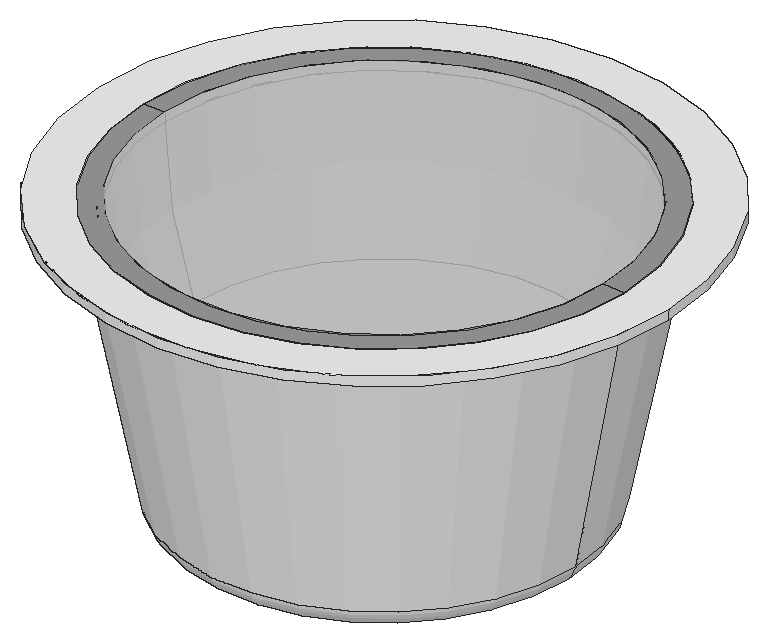
Revit family "2060572 Sylvania Lighting Fixture ASCENT 100 II ARCH 3600 3K DALI 160", category Lighting Fixtures, host Face, Revit 2016
Family settings
  Host = Face
  Part Type = Normal
  Round Connector Dimension = Use Diameter
  OmniClass Number = 23.80.70.11.17
  OmniClass Title = Specialized Lighting by Location or Use
  Cut with Voids When Loaded = No
  Light Source = Yes
  Shared = No
  Room Calculation Point = No
Parameters (values of type "2060572 ASCT100 II ARCH 3600 3K DALI 160")
  WidthBezelAcc_SYL = 25.0 mm
  Weight = "1.2 kg"
  Wattage = 30 W
  WarrantyStartDate [instance] = "n/a"
  WarrantyGuarantorParts = "n/a"
  WarrantyDurationUnit = "n/a"
  WarrantyDurationParts = "n/a"
  WarrantyDescription = "n/a"
  built-in parameter 1150110 = 1 (stored number, unit not read)
  Voltage = 0 V
  VisibilityAccessory_SYL = no
  TypeName = "ASCENT 100 II ARCH 3600 3K DALI 160"
  built-in parameter 1114217 = 1 (stored number, unit not read)
  Tilt Angle = -90°
  built-in parameter 1150109 = 1 (stored number, unit not read)
  built-in parameter 1150134 = (empty or 0)
  built-in parameter 1150113 = 1 (stored number, unit not read)
  SerialNumber [instance] = "n/a"
  ReflectorRadius_SYL = Radius_SYL - 14.5 mm  # 80.0 mm
  RadiusAcc_SYL = 105.0 mm
  Radius_SYL = 94.5 mm
  URL = "http://www.sylvania-lighting.com"
  PowerFactor = 0
  PowerConsumption = "30 W"
  Photometric Web File = "2060572.ies"
  NominalWidth = 0.0 mm
  NominalLength = 0.0 mm
  NominalHeight = 94.0 mm
  Name = "ASCENT 100 II ARCH 3600 3K DALI 160"
  ModelReference = "ASCENT 100 II ARCH 3600 3K DALI 160"
  ModelNumber = "2060572"
  Material_4_SYL = none
  Material_3_SYL = Polycarbonate_Sylvania_Ascent_Opal
  Material_2_SYL = Aluminium_Sylvania_Ascent_Silver
  Material_1_SYL = Aluminum_Sylvania_Ascent_White
  Material = "aluminium housing, arcylic diffuser"
  ManufacturerName = "Feilo Sylvania"
  LuminousEfficacy = "118 lm/W"
  built-in parameter 1150105 = 281.7 (stored number, unit not read)
  Lumens = 3540 lm
  LuminaireType = ""
  built-in parameter 1150115 = 1 (stored number, unit not read)
  LightOutputRatio = "100"
  built-in parameter 1150137 = (empty or 0)
  built-in parameter 1150139 = (empty or 0)
  LampsType = Lamp  # "LED"
  LampNominalLuminous = "3548 lm"
  LampMacAdamStep = "3"
  LampColourTemperature = "3000 K"
  LampColourRenderingIndex = "80"
  built-in parameter 1150112 = 1 (stored number, unit not read)
  built-in parameter 1150114 = 1 (stored number, unit not read)
  Keynote = "16500"
  InstallationDate [instance] = "n/a"
  InputVoltage = "n/a"
  InputNominalFrequency = "n/a"
  built-in parameter 1150132 = (empty or 0)
  built-in parameter 1150102 = (empty or 0)
  built-in parameter 1150107 = 3000 (stored number, unit not read)
  built-in parameter 1150138 = (empty or 0)
  IngressProtection = "IP40"
  ImpactProtectionIndex = "IK02"
  built-in parameter 1150106 = 2.817 (stored number, unit not read)
  IfcExportType = "IfcLightFixtureType"
  IfcExportAs = "IfcLightFixtureType"
  Height_SYL = 94.0 mm
  HeightAcc_SYL = 7.0 mm
  ExpectedLife = 50000
  EmittionSurface_SYL = if(VisibilityAccessory_SYL, 7.0 mm, 3.0 mm)  # 3.0 mm
  Emit from Circle Diameter = DiffuserRadius_SYL * 2  # 146.0 mm
  Emit Shape Visible in Rendering = no
  ElectricShockClassification = "Class II"
  built-in parameter 1150104 = 10.963 (stored number, unit not read)
  DurationUnit = "hours"
  DocumentationLiterature = "http://www.sylvania-lighting.com/product/en-int/products/2060572"
  DimmingControlOptions = "n/a"
  Dimming Lamp Color Temperature Shift = <None>
  DiffuserRadius_SYL = ReflectorRadius_SYL - 7.0 mm  # 73.0 mm
  Diameter_SYL = 2 * Radius_SYL  # 189.0 mm
  CutoutDiameter_SYL = Diameter_SYL - 13.0 mm  # 176.0 mm
  CreatedOn = "9/17/2018"
  CreatedBy = "@sylvania-lighting.com"
  Color Filter = 16777215
  built-in parameter 1114216 [instance] = 1 (stored number, unit not read)
  Model = "ASCENT 100 II ARCH 3600 3K DALI 160"
  Manufacturer = "Feilo Sylvania"
  Lamp = "LED"
  Description = "Direct LED retro fit for original LED 100 Arch (160) single CFL lamp offering Matching lumen levels and improved light distribution of original LED 100 CFL lamp equivalents Typically half the power consumption compared to CFL Up to 112lm/W 160mm aperture Architectural reflector accepts range of glass accessories from existing LED 100 Arch 160 offering HE, HO and VHO versions equivalent of single 1 x 18W, 1 x 32W, 1 x 42W\r\n Additional VVHO versions which offer the performance circa 2 x 32W equivalent"  # constant formula
  Default Elevation = 0.0 mm
  built-in parameter 1140040 [instance] = 1
  BarCode [instance] = "n/a"
  built-in parameter 1114218 = 1 (stored number, unit not read)
  built-in parameter 1150133 = 10 (stored number, unit not read)
  AssetType = "Fixed"
  AssetIdentifier [instance] = "n/a"
  Assembly Code = "D5020200"
  Apparent Load = 30 VA
  Aperture_SYL = 2 * ReflectorRadius_SYL  # 160.0 mm
Reference planes
  plane 1 "Center (Front/Back)": y = 0
  plane 2: z = 0
  plane 3 "Center (Left/Right)": x = 0
  plane 4 "Fixture Bottom": z = 3
  plane 5: z = -52.5
  plane 6 "Fixture Top": z = -91
  plane 7: x = -105
  plane 8: z = 7
  plane 9: x = -80
  plane 10: z = 5
  plane 11: x = -103
Forms (mm)
  Extrusion 1, solid, material "Aluminum_Sylvania_Ascent_White", detail levels fine
    sketch origin (0, 0, 0) x (1, 0, 0) y (0, 1, 0)
      loop
        circle (0, 0) r 94.5
      loop
        circle (0, 0) r 80
    from 0 to 3
  Extrusion 2, void
    sketch origin (0, 0, 0) x (1, 0, 0) y (0, 1, 0)
      loop
        circle (0, 0) r 88
    from -91 to 3
  Revolve 3, solid, material "Aluminum_Sylvania_Ascent_White" <- "Material_1_SYL", detail levels fine
    sketch origin (0, 0, 0) x (1, 0, 0) y (0, 0, 1)
      loop
        line (0, -91.073) -> (0, -89.023) -> (-55.468, -89.014)
        arc (-55.468, -89.014) -> (-59.352, -87.613) -> (-61.54, -84.139) r 6.307
        line (-61.54, -84.139) -> (-77.991, -2.844) -> (-77.991, 0) -> (-80, 0) -> (-80, -3) -> (-63.5, -84.536)
        arc (-63.5, -84.536) -> (-60.643, -89.203) -> (-55.5, -91.073) r 8.291
        line (-55.5, -91.073) -> (0, -91.073)
      axis (0, 0) -> (0, -91.073)
    angle from 0 to 360
  Revolve 4, solid, material "Aluminium_Sylvania_Ascent_Silver" <- "Material_2_SYL", detail levels fine
    sketch origin (0, 0, 0) x (1, 0, 0) y (0, 0, 1)
      loop
        line (-80, 3) -> (-80, 0) -> (-75, 0)
        arc (-75, 0) -> (-72.349, -26.77) -> (-64.5, -52.5) r 136.5
        line (-64.5, -52.5) -> (-58, -52.5)
        arc (-58, -52.5) -> (-56.857, -61.521) -> (-53.5, -69.971) r 36.166
        line (-53.5, -69.971) -> (0, -69.971) -> (0, -50.5) -> (-63.16, -50.5)
        arc (-63.16, -50.5) -> (-70.517, -25.725) -> (-73, 0) r 134.5
        line (-73, 0) -> (-73, 3) -> (-80, 3)
      axis (0, 3) -> (0, -69.971)
    angle from 0 to 360
  Extrusion 5, solid, material "Polycarbonate_Sylvania_Ascent_Opal" <- "Material_3_SYL", detail levels fine
    sketch origin (0, 0, 0) x (1, 0, 0) y (0, 1, 0)
      loop
        circle (0, 0) r 73
    from 0 to 3
  Revolve 6, solid, material "Aluminum_Sylvania_Ascent_White" <- "Material_1_SYL", detail levels coarse+medium
    sketch origin (0, 0, 0) x (1, 0, 0) y (0, 0, 1)
      loop
        line (0, -91.073) -> (0, 3) -> (-94.5, 3) -> (-94.5, 0) -> (-79.5, 0) -> (-79.5, -3) -> (-63, -84.536)
        arc (-63, -84.536) -> (-60.143, -89.203) -> (-55, -91.073) r 8.291
        line (-55, -91.073) -> (0, -91.073)
      axis (0, 3) -> (0, -91.073)
    angle from 0 to 360
  Revolve 7, solid, material "Aluminum_Sylvania_Ascent_White" <- "Material_1_SYL", visible <- "VisibilityAccessory_SYL"
    sketch origin (0, 0, 0) x (1, 0, 0) y (0, 0, 1)
      loop
        line (-105, 0) -> (-103, 0) -> (-103, 5) -> (-80, 5) -> (-80, 7) -> (-105, 7) -> (-105, 0)
      axis (0, 7) -> (0, 0)
    angle from 0 to 360
  Revolve 8, solid, material "Polycarbonate_Sylvania_Ascent_Opal" <- "Material_3_SYL", visible <- "VisibilityAccessory_SYL"
    sketch origin (0, 0, 0) x (1, 0, 0) y (0, 0, 1)
      loop
        line (-80, 7) -> (-80, 5) -> (0, 5) -> (0, 7) -> (-80, 7)
      axis (0, 7) -> (0, 5)
    angle from 0 to 360
Lines and regions (mm)
  reference lines
    curve 1: line (-150, 0, 3) -> (125, 0, 3)
Dimensions and locks
  locked: plane 4 "Fixture Bottom" to plane 2 at 3
  "Height_SYL": plane 4 "Fixture Bottom" to plane 6 "Fixture Top"
  "ReflectorRadius_SYL": plane 3 "Center (Left/Right)" to Revolve 4 sketch curve
  locked: Revolve 4 sketch curve to Revolve 4 sketch curve at 15.5
  locked: Revolve 4 sketch curve to Revolve 4 sketch curve at 5
  locked: Revolve 4 sketch curve to Revolve 4 sketch curve at 7
  locked: Revolve 4 sketch curve to Revolve 4 sketch curve at 22
  locked: Revolve 4 sketch curve to Revolve 4 sketch curve at 26.5
  locked: Revolve 3 sketch curve to Revolve 3 sketch curve at 16.5
  locked: Revolve 3 sketch curve to Revolve 3 sketch curve at 24.5
  "ReflectorRadius_SYL": Revolve 3 sketch curve to plane 3 "Center (Left/Right)"
  locked: Revolve 3 sketch curve to plane 6 "Fixture Top" at 6.464
  locked: plane 2 to Revolve 3 sketch curve at 3
  locked: Revolve 3 sketch curve to Revolve 3 sketch curve at 2
  locked: Revolve 3 sketch curve to Revolve 3 sketch curve at 2.009
  locked: plane 2 to plane 5 at 52.5
  locked: Revolve 6 sketch curve to Revolve 6 sketch curve at 31.5
  locked: Revolve 6 sketch curve to Revolve 6 sketch curve at 39.5
  locked: Revolve 6 sketch curve to Revolve 6 sketch curve at 15
  "Radius_SYL": plane 3 "Center (Left/Right)" to Revolve 6 sketch curve
  "RadiusAcc_SYL": plane 3 "Center (Left/Right)" to plane 7
  "HeightAcc_SYL": plane 8 to level
  "WidthBezelAcc_SYL": plane 7 to plane 9
  locked: plane 7 to plane 11 at 2
  locked: plane 8 to plane 10 at 2
  "EmittionSurface_SYL": curve 1 to level
  "CutoutDiameter_SYL": diameter of Extrusion 2 sketch curve
  "ReflectorRadius_SYL": radius of Extrusion 1 sketch curve
  "DiffuserRadius_SYL": radius of Extrusion 5 sketch curve
  "Radius_SYL": radius of Extrusion 1 sketch curve
  aligned and locked: host face to plane 2
  aligned and locked: host face to level
  aligned and locked: plane 4 "Fixture Bottom" to Extrusion 1
  aligned and locked: Extrusion 1 to plane 2
  aligned and locked: Revolve 3 sketch curve to plane 3 "Center (Left/Right)"
  aligned and locked: Revolve 4 sketch curve to plane 3 "Center (Left/Right)"  (x2)
  aligned and locked: plane 4 "Fixture Bottom" to Revolve 4 sketch curve
  aligned and locked: Extrusion 5 to plane 2
  aligned and locked: plane 2 to Revolve 3 sketch curve  (x2)
  aligned and locked: Revolve 6 sketch curve to plane 3 "Center (Left/Right)"
  aligned and locked: plane 6 "Fixture Top" to Extrusion 2
  aligned and locked: Revolve 7 sketch curve to plane 3 "Center (Left/Right)"
  aligned and locked: host face to Revolve 7 sketch curve  (x2)
  aligned and locked: Revolve 7 sketch curve to plane 7
  aligned and locked: plane 8 to Revolve 7 sketch curve
  aligned and locked: plane 9 to Revolve 7 sketch curve
  aligned and locked: Revolve 7 sketch curve to plane 10
  aligned and locked: plane 11 to Revolve 7 sketch curve
  aligned and locked: Revolve 7 to Revolve 8 sketch curve
  aligned and locked: Revolve 8 sketch curve to Revolve 7  (x2)
  aligned and locked: Revolve 8 sketch curve to plane 3 "Center (Left/Right)"  (x2)
  aligned and locked: plane 3 "Center (Left/Right)" to imposter light
  aligned and locked: imposter light to plane 1 "Center (Front/Back)"
  aligned and locked: imposter light to curve 1
Automatic sketch dimensions
  plane 1 "Center (Front/Back)" to Extrusion 2 sketch curve = 0.0 mm
  Extrusion 2 sketch curve to plane 3 "Center (Left/Right)" = 0.0 mm
  Extrusion 1 sketch curve to Extrusion 1 sketch curve = 0.0 mm  (x2)
  plane 1 "Center (Front/Back)" to Extrusion 1 sketch curve = 0.0 mm
  Extrusion 1 sketch curve to plane 3 "Center (Left/Right)" = 0.0 mm
  plane 6 "Fixture Top" to Revolve 3 sketch curve = 0.073 mm
  Revolve 3 sketch curve to plane 6 "Fixture Top" = 6.861 mm
  Revolve 3 sketch curve to Revolve 3 sketch curve = 0.003 mm
  Revolve 3 sketch curve to Revolve 3 sketch curve = 0.009 mm  (x2)
  Revolve 3 sketch curve to Revolve 3 sketch curve = 0.023 mm
  Revolve 3 sketch curve to Revolve 3 sketch curve = 0.072 mm
  Revolve 3 sketch curve to Revolve 3 sketch curve = 0.008 mm
  Revolve 3 sketch curve to plane 6 "Fixture Top" = 1.977 mm
  Revolve 3 sketch curve to Revolve 3 sketch curve = 33.496 mm
  Revolve 3 sketch curve to Revolve 3 sketch curve = 0.028 mm
  plane 4 "Fixture Bottom" to Revolve 3 sketch curve = 82.431 mm
  Revolve 4 sketch curve to Revolve 4 sketch curve = 0.0 mm  (x2)
  Revolve 4 sketch curve to plane 5 = 0.0 mm
  Revolve 4 sketch curve to level = 0.0 mm
  plane 5 to Revolve 4 sketch curve = 2.0 mm
  plane 4 "Fixture Bottom" to Revolve 4 sketch curve = 9.642 mm
  plane 1 "Center (Front/Back)" to Extrusion 5 sketch curve = 0.0 mm
  Extrusion 5 sketch curve to plane 3 "Center (Left/Right)" = 0.0 mm
  Revolve 4 sketch curve to level = 69.971 mm
  Revolve 4 sketch curve to Revolve 4 sketch curve = 2.387 mm
  Revolve 6 sketch curve to level = 0.0 mm
  Revolve 6 sketch curve to plane 3 "Center (Left/Right)" = 0.0 mm
  Revolve 6 sketch curve to Revolve 6 sketch curve = 8.104 mm
  Revolve 6 sketch curve to level = 3.0 mm
  Revolve 6 sketch curve to plane 6 "Fixture Top" = 6.464 mm
  plane 6 "Fixture Top" to Revolve 6 sketch curve = 0.073 mm
  Revolve 6 sketch curve to Revolve 6 sketch curve = 33.496 mm
  plane 4 "Fixture Bottom" to Revolve 6 sketch curve = 82.431 mm
  host sketch curve to host sketch curve = 1704.996 mm
  host sketch curve to host sketch curve = 1500.0 mm
  plane 6 "Fixture Top" to Revolve 7 sketch curve = 281.274 mm
  Revolve 7 sketch curve to plane 8 = 1140.706 mm
  plane 6 "Fixture Top" to Revolve 8 sketch curve = 281.274 mm
  Revolve 8 sketch curve to Revolve 8 sketch curve = 1140.706 mm
  Revolve 3 sketch curve to plane 3 "Center (Left/Right)" = 0.0 mm
  Revolve 6 sketch curve to plane 4 "Fixture Bottom" = 0.0 mm
  plane 7 to curve 1 = 45.0 mm
  plane 3 "Center (Left/Right)" to curve 1 = 125.0 mm
Connectors
  electrical at (0, 0, -91.073), driven by "Apparent Load"
    settings: on Revolve 3, index 1, voltage 240 V, apparent load 0 VA, apparent load phase1 30 VA, apparent load phase2 0 VA, apparent load phase3 0 VA, power factor 1, load classification "Lighting", number of poles 1, system type 31, power factor state 1, is connector primary yes, connector utility no, sub classification motor no, connector description ""
